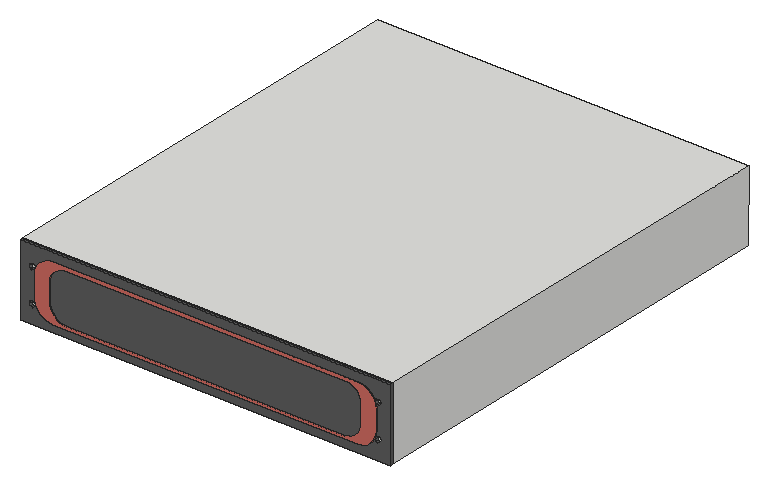
Revit family "Electronics_Amplifier_Biamp_Tesira_4-Channel_AMP-A460H__", category Communication Devices, host Face, Revit 2020
Family settings
  Host = Face
  Maintain Annotation Orientation = No
  Round Connector Dimension = Use Diameter
  Part Type = Normal
  OmniClass Number = 23.85.10.11.14.14.17
  OmniClass Title = Sound Amplifiers
  Cut with Voids When Loaded = Yes
  Shared = No
  Room Calculation Point = No
Parameters (values of type "AMP-A460H")
  Width = 8.69922"  # constant formula
  Weight = 4.20 lbf  # constant formula
  Voltage = 120 V
  URL = "https://www.biamp.com/"
  Temperature Range = "32 - 104° F (0 - 40° C)"  # constant formula
  THD+N = "20Hz - 20kHz, at rated power: <0.3%"  # constant formula
  Single Channel = "4 ohm, 8 ohm: 60W"  # constant formula
  Rotation [instance] = if(Mount Type Rack Bracket, 90.00°, 180.00°)  # 180.00°
  Ref Line Offset Y [instance] = if(Mount Type Rack Bracket, 0.07", 5.32")  # 5.32"
  Ref Line Offset X [instance] = if(Mount Type Rack Bracket, 10.07", 5.50")  # 5.50"
  Product data url = "https://www.bimobject.com/biamp/product/amp-a460h_amplifier"
  Product Page URL = "https://www.biamp.com/products/tesira-amplifiers#amp-a460h"
  Product Documentation Link = "https://downloads.biamp.com/assets/docs/default-source/data-sheets/biamp_data_sheet_amp-a460h_sep22.pdf"
  Power Factor = 1
  Number of Poles = 1
  Number of Channels = "4"  # constant formula
  Mount Type Rack Bracket [instance] = no
  Model = "AMP-A460H"  # constant formula
  Manufacturer = "Biamp"  # constant formula
  Input Sensitivity = "8 ohm, 70V: 0 dBu; 100V: +1.6 dBu"  # constant formula
  Indicators Rear Panel = "80Hz HPF (on/off) Mode selection (standard/bridged) Constant Voltage selection (bridged mode only)"  # constant formula
  Humidity = "0-95% relative humidity (non-condensing)"  # constant formula
  Housing Material = Biamp - Metal - Silver
  Height = 1.69922"  # constant formula
  Frequency Response = "± 1 dB"  # constant formula
  Dynamic Range = "100 dB"  # constant formula
  Description = "Tesira® AMP-A460H 4-Channel, 60W Amplifier"  # constant formula
  Depth = 10.50"  # constant formula
  Default Elevation = 48.00"
  Current = 1.2 A
  Cooling = "Convection"  # constant formula
  Connector Description = "100-240VAC, 50/60Hz"  # constant formula
  Compliance = "UL and C-UL listed (USA and Canada) FCC Part 15B (USA) CE Marked (Europe) RCM (Australia) EAC (Eurasian Customs Union) RoHS Directive (Europe) CCC (China)KCC (Korea)"  # constant formula
  Bridged = "4 ohm, 8 ohm: 120W; 70V/100V: 120W"  # constant formula
  Assembly Code = ""
  Apparent Load = Current * Voltage  # 144 VA
  Amplifier Topology = "Class D"  # constant formula
Reference planes (in)
  plane 1 "Center (Front/Back)": y = 0
  plane 2: z = 0
  plane 3 "Center (Left/Right)": x = 0
Lines and regions (in)
  reference lines
    curve 1: line (0, 0, 0) -> (0, -5.31551, 0)
    curve 2: line (0, -5.32, 0) -> (5.5, -5.32, 0)
    curve 3: line (5.5, -5.32, 0) -> (5.5, -1.82, 0)
Dimensions and locks (in)
  "Ref Line Offset Y": curve 2 to curve 1
  "Ref Line Offset X": curve 2 to curve 3
  "Rotation": angle level to curve 1
  locked: curve 3 to curve 2 (angle 90.00°)
  aligned and locked: plane 2 to host face
  aligned and locked: level to host face
  aligned and locked: plane 1 "Center (Front/Back)" to curve 1
  aligned and locked: level to curve 1
Automatic sketch dimensions
  host sketch curve to host sketch curve = 96.00"  (x2)
  curve 1 to curve 2 = 0.00"
  curve 1 to curve 2 = 5.50"
  curve 3 to curve 2 = 0.00"
Nested families (in)
  nested 1: "A460H" at (0, 0, 0), Mount Type Rack Bracket <- "Mount Type Rack Bracket", type "AMP-A460H"
    with Mount Type Rack Bracket no
Connectors (in)
  electrical at (3.49493, 5.10551, 1.14848), driven by "Number of Poles", driven by "Voltage", driven by "Apparent Load", driven by "Power Factor", driven by "Connector Description"
    settings: on nested 1, index 1, voltage 120 V, apparent load 0 VA, apparent load phase1 144 VA, apparent load phase2 0 VA, apparent load phase3 0 VA, power factor 1, load classification "Other", number of poles 1, system type 31, power factor state 1, is connector primary yes, connector utility no, sub classification motor no, connector description "100-240VAC, 50/60Hz"
  electrical at (2.37283, 5.10551, 0.44451)
    settings: on nested 1, index 2, voltage 0 V, apparent load 0 VA, apparent load phase1 0 VA, apparent load phase2 0 VA, apparent load phase3 0 VA, power factor 1, load classification "Other", number of poles 1, system type 5, power factor state 1, is connector primary no, connector utility no, sub classification motor no, connector description "Analog Audio Input; 1"
  electrical at (1.60918, 5.10551, 0.44451)
    settings: on nested 1, index 3, voltage 0 V, apparent load 0 VA, apparent load phase1 0 VA, apparent load phase2 0 VA, apparent load phase3 0 VA, power factor 1, load classification "Other", number of poles 1, system type 5, power factor state 1, is connector primary no, connector utility no, sub classification motor no, connector description "Analog Audio Input; 2"
  electrical at (-0.24378, 5.10551, 0.44451)
    settings: on nested 1, index 4, voltage 0 V, apparent load 0 VA, apparent load phase1 0 VA, apparent load phase2 0 VA, apparent load phase3 0 VA, power factor 1, load classification "Other", number of poles 1, system type 5, power factor state 1, is connector primary no, connector utility no, sub classification motor no, connector description "Analog Audio Input; 3"
  electrical at (-1.02286, 5.10551, 0.44451)
    settings: on nested 1, index 5, voltage 0 V, apparent load 0 VA, apparent load phase1 0 VA, apparent load phase2 0 VA, apparent load phase3 0 VA, power factor 1, load classification "Other", number of poles 1, system type 5, power factor state 1, is connector primary no, connector utility no, sub classification motor no, connector description "Analog Audio Input; 4"
  electrical at (-1.90719, 5.10551, 0.44451)
    settings: on nested 1, index 6, voltage 0 V, apparent load 0 VA, apparent load phase1 0 VA, apparent load phase2 0 VA, apparent load phase3 0 VA, power factor 1, load classification "Other", number of poles 1, system type 5, power factor state 1, is connector primary no, connector utility no, sub classification motor no, connector description "Analog Audio Output; 1"
  electrical at (-2.38568, 5.10551, 0.44451)
    settings: on nested 1, index 7, voltage 0 V, apparent load 0 VA, apparent load phase1 0 VA, apparent load phase2 0 VA, apparent load phase3 0 VA, power factor 1, load classification "Other", number of poles 1, system type 5, power factor state 1, is connector primary no, connector utility no, sub classification motor no, connector description "Analog Audio Output; 2"
  electrical at (-3.26129, 5.10551, 0.44451)
    settings: on nested 1, index 8, voltage 0 V, apparent load 0 VA, apparent load phase1 0 VA, apparent load phase2 0 VA, apparent load phase3 0 VA, power factor 1, load classification "Other", number of poles 1, system type 5, power factor state 1, is connector primary no, connector utility no, sub classification motor no, connector description "Analog Audio Output; 3"
  electrical at (-3.73978, 5.10551, 0.44451)
    settings: on nested 1, index 9, voltage 0 V, apparent load 0 VA, apparent load phase1 0 VA, apparent load phase2 0 VA, apparent load phase3 0 VA, power factor 1, load classification "Other", number of poles 1, system type 5, power factor state 1, is connector primary no, connector utility no, sub classification motor no, connector description "Analog Audio Output; 4"
Definition of nested family "A460H"
  Parameters (values of type "AMP-A460H")
    URL = ""
    Mount Type Rack Bracket [instance] = no
    Model = ""
    Material Case = none
    Manufacturer = ""
    Description = ""
    Default Elevation = 48.00"
    Assembly Code = ""
  Reference planes (in)
    plane 1 "Center (Front/Back)": y = 0
    plane 2: z = 0
    plane 3 "Center (Left/Right)": x = 0
  Forms (in)
    Extrusion 1, solid
      sketch origin (0, 0, 0) x (1, 0, 0) y (0, 1, 0)
        loop
          line (-48, 48) -> (-48, -48) -> (48, -48) -> (48, 48) -> (-48, 48)
      from 0 to -12
    Extrusion 2, solid, material <- "Material Case"
      sketch origin (5.5, -5.32, 0) x (0, 1, 0) y (-1, 0, 0)
        loop
          line (10.56551, 9.84961) -> (0.12568, 9.84961) -> (0.12568, 1.15039) -> (10.56551, 1.15039) -> (10.56551, 9.84961)
      from 0 to 1.7
    Extrusion 3, solid, detail levels medium+fine
      sketch origin (-4.34961, -5.19432, 0) x (1, 0, 0) y (0, 0, 1)
        loop
          arc (0.7627, 1.49194) -> (0.467, 1.37276) -> (0.33659, 1.08182) r 0.42643
          line (0.33659, 1.08182) -> (0.33659, 0.61327)
          arc (0.33659, 0.61327) -> (0.46402, 0.30562) -> (0.77167, 0.17818) r 0.43509
          line (0.77167, 0.17818) -> (7.92754, 0.17818)
          arc (7.92754, 0.17818) -> (8.2352, 0.30562) -> (8.36263, 0.61327) r 0.43509
          line (8.36263, 0.61327) -> (8.36263, 1.08182)
          arc (8.36263, 1.08182) -> (8.23222, 1.37276) -> (7.93651, 1.49194) r 0.42643
          line (7.93651, 1.49194) -> (0.7627, 1.49194)
        loop
          line (7.64121, 1.40907) -> (1.05801, 1.40907)
          arc (1.05801, 1.40907) -> (0.80032, 1.30233) -> (0.69358, 1.04464) r 0.36443
          line (0.69358, 1.04464) -> (0.69358, 0.64302)
          arc (0.69358, 0.64302) -> (0.80869, 0.36511) -> (1.0866, 0.25) r 0.39302
          line (1.0866, 0.25) -> (7.61262, 0.25)
          arc (7.61262, 0.25) -> (7.89052, 0.36511) -> (8.00564, 0.64302) r 0.39302
          line (8.00564, 0.64302) -> (8.00564, 1.04464)
          arc (8.00564, 1.04464) -> (7.8989, 1.30233) -> (7.64121, 1.40907) r 0.36443
      from 0 to 0.06032
    Extrusion 4, void
      sketch origin (-4.34961, 5.24551, 0) x (-1, 0, 0) y (0, 0, -1)
        loop
          line (-8.41995, -1.5934) -> (-7.26913, -1.5934) -> (-7.26913, -0.70356) -> (-8.41995, -0.70356) -> (-8.41995, -1.5934)
        loop
          line (-7.08915, -0.70152) -> (-6.35573, -0.70152) -> (-6.35573, -0.1875) -> (-7.08915, -0.1875) -> (-7.08915, -0.70152)
        loop
          line (-6.34504, -0.70152) -> (-5.57255, -0.70152) -> (-5.57255, -0.1875) -> (-6.34504, -0.1875) -> (-6.34504, -0.70152)
        loop
          line (-4.48817, -0.70152) -> (-3.72349, -0.70152) -> (-3.72349, -0.1875) -> (-4.48817, -0.1875) -> (-4.48817, -0.70152)
        loop
          line (-3.70499, -0.70152) -> (-2.94852, -0.70152) -> (-2.94852, -0.1875) -> (-3.70499, -0.1875) -> (-3.70499, -0.70152)
        loop
          line (-2.67632, -0.70152) -> (-2.20852, -0.70152) -> (-2.20852, -0.1875) -> (-2.67632, -0.1875) -> (-2.67632, -0.70152)
        loop
          line (-2.19783, -0.70152) -> (-1.73003, -0.70152) -> (-1.73003, -0.1875) -> (-2.19783, -0.1875) -> (-2.19783, -0.70152)
        loop
          line (-1.32222, -0.70152) -> (-0.85442, -0.70152) -> (-0.85442, -0.1875) -> (-1.32222, -0.1875) -> (-1.32222, -0.70152)
        loop
          line (-0.84372, -0.70152) -> (-0.37593, -0.70152) -> (-0.37593, -0.1875) -> (-0.84372, -0.1875) -> (-0.84372, -0.70152)
      from 0.14 to 0
    Extrusion 5, solid
      sketch origin (5.5, -5.32, 1.7) x (0, 1, 0) y (-1, 0, 0)
        loop
          line (0.06551, 9.84961) -> (0.06551, 1.15039) -> (0.12568, 1.15039) -> (0.12568, 9.84961) -> (0.06551, 9.84961)
      from 0 to -1.7
    Extrusion 6, void
      sketch origin (-4.34961, -5.19432, 0) x (-1, 0, 0) y (0, 0, 1)
        loop
          circle (-0.28714, 1.23267) r 0.07317
        loop
          circle (-0.28714, 0.44361) r 0.07317
        loop
          circle (-8.41208, 1.23267) r 0.07317
        loop
          circle (-8.41208, 0.44361) r 0.07317
      from 0 to -0.39
    Extrusion 7, solid, visible <- "Mount Type Rack Bracket", detail levels medium+fine
      sketch origin (-4.34961, -5.19432, 0) x (1, 0, 0) y (0, 0, 1)
        loop
          line (18.29867, 1.7) -> (9.16195, 1.7) -> (-0.43555, 1.7) -> (-0.43555, 0) -> (9.16195, 0) -> (18.29867, 0) -> (18.29867, 1.7)
        loop
          line (-0.17508, 1.62854) -> (-0.2757, 1.62854)
          arc (-0.2757, 1.62854) -> (-0.36601, 1.53822) -> (-0.2757, 1.4479) r 0.09032
          line (-0.2757, 1.4479) -> (-0.17508, 1.4479)
          arc (-0.17508, 1.4479) -> (-0.08476, 1.53822) -> (-0.17508, 1.62854) r 0.09032
        loop
          line (17.09847, 1.49194) -> (9.92466, 1.49194)
          arc (9.92466, 1.49194) -> (9.62895, 1.37276) -> (9.49854, 1.08182) r 0.42643
          line (9.49854, 1.08182) -> (9.49854, 0.61327)
          arc (9.49854, 0.61327) -> (9.62597, 0.30562) -> (9.93363, 0.17818) r 0.43509
          line (9.93363, 0.17818) -> (17.0895, 0.17818)
          arc (17.0895, 0.17818) -> (17.39715, 0.30562) -> (17.52458, 0.61327) r 0.43509
          line (17.52458, 0.61327) -> (17.52458, 1.08182)
          arc (17.52458, 1.08182) -> (17.39417, 1.37276) -> (17.09847, 1.49194) r 0.42643
        loop
          arc (0.76466, 1.49194) -> (0.46895, 1.37276) -> (0.33854, 1.08182) r 0.42643
          line (0.33854, 1.08182) -> (0.33854, 0.61327)
          arc (0.33854, 0.61327) -> (0.46597, 0.30562) -> (0.77363, 0.17818) r 0.43509
          line (0.77363, 0.17818) -> (7.93028, 0.17818)
          arc (7.93028, 0.17818) -> (8.23793, 0.30562) -> (8.36537, 0.61327) r 0.43509
          line (8.36537, 0.61327) -> (8.36537, 1.08182)
          arc (8.36537, 1.08182) -> (8.23496, 1.37276) -> (7.93925, 1.49194) r 0.42643
          line (7.93925, 1.49194) -> (0.76466, 1.49194)
        loop
          circle (17.57599, 1.23267) r 0.07317
        loop
          circle (17.57794, 0.44361) r 0.07317
        loop
          circle (9.44636, 1.23267) r 0.07317
        loop
          circle (9.44636, 0.44361) r 0.07317
        loop
          line (-0.17508, 0.24995) -> (-0.2757, 0.24995)
          arc (-0.2757, 0.24995) -> (-0.36601, 0.15964) -> (-0.2757, 0.06932) r 0.09032
          line (-0.2757, 0.06932) -> (-0.17508, 0.06932)
          arc (-0.17508, 0.06932) -> (-0.08476, 0.15964) -> (-0.17508, 0.24995) r 0.09032
        loop
          line (18.13882, 0.24995) -> (18.0382, 0.24995)
          arc (18.0382, 0.24995) -> (17.94789, 0.15964) -> (18.0382, 0.06932) r 0.09032
          line (18.0382, 0.06932) -> (18.13882, 0.06932)
          arc (18.13882, 0.06932) -> (18.22914, 0.15964) -> (18.13882, 0.24995) r 0.09032
        loop
          line (18.13882, 1.62854) -> (18.0382, 1.62854)
          arc (18.0382, 1.62854) -> (17.94789, 1.53822) -> (18.0382, 1.4479) r 0.09032
          line (18.0382, 1.4479) -> (18.13882, 1.4479)
          arc (18.13882, 1.4479) -> (18.22914, 1.53822) -> (18.13882, 1.62854) r 0.09032
      from 0.06016 to 0.12568
    Extrusion 8, solid, detail levels coarse
      sketch origin (-4.34961, -5.19432, 0) x (1, 0, 0) y (0, 0, 1)
        loop
          line (0, 1.7) -> (0, 0) -> (8.69922, 0) -> (8.69922, 1.7) -> (0, 1.7)
      from 0 to 0.06032
    Extrusion 9, solid, visible <- "Mount Type Rack Bracket", detail levels coarse
      sketch origin (0, 0, 0) x (1, 0, 0) y (0, 1, 0)
        loop
          line (-4.78516, -5.32) -> (13.48906, -5.32) -> (13.48906, -5.25449) -> (-4.78516, -5.25449) -> (-4.78516, -5.32)
      from 0 to 1.7
  Cuts and joins
    Extrusion 6 cuts Extrusion 5
    Extrusion 6 cuts Extrusion 7
    Extrusion 4 cuts Extrusion 2
  Lines and regions (in)
    Masking region 1
      outline origin (0, 0, 0) x (1, 0, 0) y (0, 1, 0)
        loop
          line (-4.34961, 5.24551) -> (-4.34961, -5.25449) -> (4.35234, -5.25449) -> (4.35234, 5.24551) -> (-4.34961, 5.24551)
    Masking region 2, visible <- "Mount Type Rack Bracket"
      outline origin (0, 0, 0) x (1, 0, 0) y (0, 1, 0)
        loop
          line (-4.78516, -5.32) -> (13.48906, -5.32) -> (13.48906, -5.25449) -> (-4.78516, -5.25449) -> (-4.78516, -5.32)
    reference lines
      curve 1: line (0, 0, 0) -> (0, -5.31551, 0)
      curve 2: line (0, -5.32, 0) -> (5.5, -5.32, 0)
      curve 3: line (5.5, -5.32, 0) -> (5.5, -1.82, 0)
      curve 4: line (13.2789, -5.32, 0.06932) -> (13.2789, -5.32, 1.62854)
      curve 5: line (13.41953, -5.32, 1.53822) -> (-4.71562, -5.32, 1.53822)
      curve 6: line (-4.575, -5.32, 0.06932) -> (-4.575, -5.32, 1.62854)
      curve 7: line (-4.71562, -5.32, 0.15964) -> (13.41953, -5.32, 0.15964)
    symbolic lines
      curve 8: line (-4.34961, -5.19432, 0) -> (4.34961, -5.19432, 0)
  Dimensions and locks (in)
    curve 2 to curve 1 = 5.32"
    curve 2 to curve 3 = 5.50"
    angle level to curve 1 = 180.00°
    locked: curve 3 to curve 2 (angle 90.00°)
    aligned and locked: plane 2 to Extrusion 1
    aligned and locked: level to Extrusion 1
